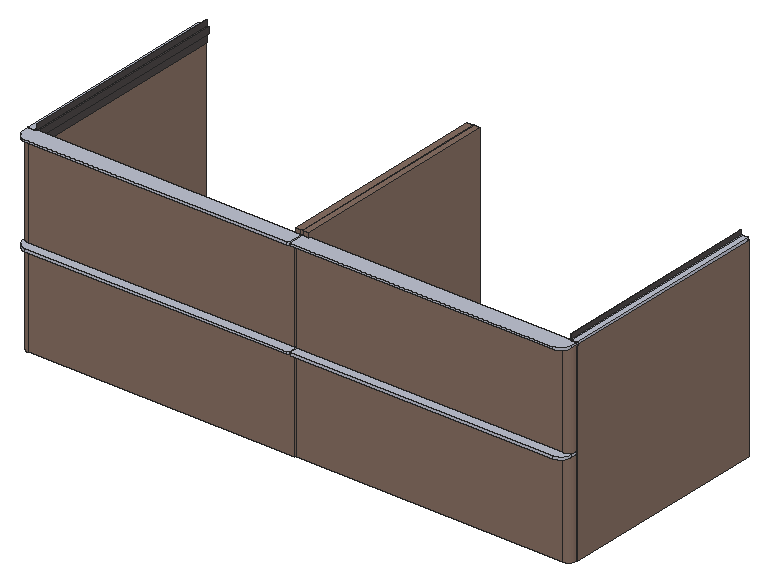
Revit family "vanity unit with 4 drawers for consoles with bowl", category Furniture, Revit 2019 (continued)
Definition of nested family "vanity unit 1360_550 with 4 drawers for consoles with bowl-54087670-diamond matt grey-matt_black-400_content"
  Forms (mm)
    Extrusion 9, solid, visible <- "ContentVisible", detail levels medium+fine
      sketch origin (0, 0, 2) x (1, 0, 0) y (0, 1, 0)
        loop
          line (2.5, -551) -> (661, -551)
          arc (661, -551) -> (674.435, -545.435) -> (680, -532) r 19
          line (680, -532) -> (680, -530) -> (1.5, -530) -> (1.5, -550)
      from 0 to 235
    Extrusion 10, solid, visible <- "ContentVisible", detail levels medium+fine
      sketch origin (0, 0, 237) x (1, 0, 0) y (0, 1, 0)
        loop
          line (-678.5, -530) -> (-678.5, -546)
          arc (-678.5, -546) -> (-671.178, -563.678) -> (-653.5, -571) r 25
          line (-653.5, -571) -> (-4.5, -571)
          arc (-4.5, -571) -> (-2.379, -570.121) -> (-1.5, -568) r 3
          line (-1.5, -568) -> (-1.5, -528.5) -> (-658.5, -528.5) -> (-658.5, -530) -> (-678.5, -530)
      from 0 to 5
    Extrusion 11, solid, visible <- "ContentVisible", detail levels medium+fine
      sketch origin (0, 0, 237) x (1, 0, 0) y (0, 1, 0)
        loop
          arc (1.5, -568) -> (2.379, -570.121) -> (4.5, -571) r 3
          line (4.5, -571) -> (653.5, -571)
          arc (653.5, -571) -> (671.178, -563.678) -> (678.5, -546) r 25
          line (678.5, -546) -> (678.5, -530) -> (658.5, -530) -> (658.5, -528.5) -> (1.5, -528.5) -> (1.5, -568)
      from 0 to 5
    Extrusion 12, solid, visible <- "ContentVisible", detail levels medium+fine
      sketch origin (0, 0, 245) x (1, 0, 0) y (0, 1, 0)
        loop
          arc (-680, -532) -> (-674.435, -545.435) -> (-661, -551) r 19
          line (-661, -551) -> (-2.5, -551)
          arc (-2.5, -551) -> (-1.793, -550.707) -> (-1.5, -550) r 1
          line (-1.5, -550) -> (-1.5, -530) -> (-680, -530) -> (-680, -532)
      from 0 to 235
    Extrusion 13, solid, visible <- "ContentVisible", detail levels medium+fine
      sketch origin (0, 0, 245) x (1, 0, 0) y (0, 1, 0)
        loop
          arc (1.5, -550) -> (1.793, -550.707) -> (2.5, -551) r 1
          line (2.5, -551) -> (661, -551)
          arc (661, -551) -> (674.435, -545.435) -> (680, -532) r 19
          line (680, -532) -> (680, -530) -> (1.5, -530) -> (1.5, -550)
      from 0 to 235
    Extrusion 14, solid, visible <- "ContentVisible", detail levels medium+fine
      sketch origin (0, 0, 480) x (1, 0, 0) y (0, 1, 0)
        loop
          line (-678.5, -530) -> (-678.5, -546)
          arc (-678.5, -546) -> (-671.178, -563.678) -> (-653.5, -571) r 25
          line (-653.5, -571) -> (-4.5, -571)
          arc (-4.5, -571) -> (-2.379, -570.121) -> (-1.5, -568) r 3
          line (-1.5, -568) -> (-1.5, -528.5) -> (-658.5, -528.5) -> (-658.5, -530) -> (-678.5, -530)
      from 0 to 5
    Extrusion 15, solid, visible <- "ContentVisible", detail levels medium+fine
      sketch origin (0, 0, 480) x (1, 0, 0) y (0, 1, 0)
        loop
          arc (1.5, -568) -> (2.379, -570.121) -> (4.5, -571) r 3
          line (4.5, -571) -> (653.5, -571)
          arc (653.5, -571) -> (671.178, -563.678) -> (678.5, -546) r 25
          line (678.5, -546) -> (678.5, -530) -> (658.5, -530) -> (658.5, -528.5) -> (1.5, -528.5) -> (1.5, -568)
      from 0 to 5
    Extrusion 16, solid, visible <- "ContentVisible", detail levels medium+fine
      sketch origin (-1.5, 0, 0) x (0, 0, -1) y (0, 1, 0)
        loop
          line (-480, -528.5) -> (-480, -530) -> (-450, -530) -> (-450, -528.5) -> (-480, -528.5)
      from -664 to 664
    Extrusion 17, solid, visible <- "ContentVisible", detail levels medium+fine
      sketch origin (-1.5, 0, 0) x (0, 0, -1) y (0, 1, 0)
        loop
          line (-242, -528.5) -> (-242, -530) -> (-212, -530) -> (-212, -528.5) -> (-242, -528.5)
      from -664 to 664
    Extrusion 18, solid, visible <- "ContentVisible", detail levels medium+fine
      sketch origin (1.5, 0, 0) x (0, 0, -1) y (0, 1, 0)
        loop
          line (-480, -528.5) -> (-480, -530) -> (-450, -530) -> (-450, -528.5) -> (-480, -528.5)
      from 0 to 664
    Extrusion 19, solid, visible <- "ContentVisible", detail levels medium+fine
      sketch origin (0, 0, 0) x (1, 0, 0) y (0, 0, -1)
        loop
          line (-664, -447) -> (-664, -485) -> (-662.5, -485) -> (-662.5, -447) -> (-664, -447)
      from -528.5 to 0
    Extrusion 20, solid, visible <- "ContentVisible", detail levels medium+fine
      sketch origin (0, 0, 0) x (1, 0, 0) y (0, 0, -1)
        loop
          line (662.5, -446.8) -> (662.5, -485) -> (664, -485) -> (664, -446.8) -> (662.5, -446.8)
      from -528.5 to 0
    Extrusion 21, solid, visible <- "ContentVisible", detail levels medium+fine
      sketch origin (0, 0, 480) x (1, 0, 0) y (0, 1, 0)
        loop
          line (-680, -3) -> (-680, -527)
          arc (-680, -527) -> (-679.121, -529.121) -> (-677, -530) r 3
          line (-677, -530) -> (-664, -530) -> (-664, 0) -> (-677, 0)
          arc (-677, 0) -> (-679.121, -0.879) -> (-680, -3) r 3
      from 0 to 5
    Extrusion 22, solid, visible <- "ContentVisible", detail levels medium+fine
      sketch origin (0, 0, 480) x (1, 0, 0) y (0, 1, 0)
        loop
          line (664, 0) -> (664, -530) -> (677, -530)
          arc (677, -530) -> (679.121, -529.121) -> (680, -527) r 3
          line (680, -527) -> (680, -3)
          arc (680, -3) -> (679.121, -0.879) -> (677, 0) r 3
          line (677, 0) -> (664, 0)
      from 0 to 5
    Extrusion 23, solid, visible <- "ContentVisible", detail levels medium+fine
      sketch origin (0, 0, 0) x (1, 0, 0) y (0, 0, -1)
        loop
          line (-662.5, -447) -> (-662.5, -496) -> (-661, -496) -> (-661, -483) -> (-656.4, -483) -> (-656.4, -468.5) -> (-661, -468.5) -> (-661, -447) -> (-662.5, -447)
      from -525 to 0
    Extrusion 24, solid, visible <- "ContentVisible", detail levels medium+fine
      sketch origin (0, 0, 0) x (1, 0, 0) y (0, 0, -1)
        loop
          line (656.4, -468.5) -> (656.4, -483) -> (661, -483) -> (661, -496) -> (662.5, -496) -> (662.5, -447) -> (661, -447) -> (661, -468.5) -> (656.4, -468.5)
      from -525 to 0
    Extrusion 25, solid, visible <- "ContentVisible", detail levels coarse
      sketch origin (0, -285.5, 0) x (1, 0, 0) y (0, 1, 0)
        loop
          line (-680, -285.5) -> (680, -285.5) -> (680, 285.5) -> (-680, 285.5) -> (-680, -285.5)
      from 0 to 496
  Dimensions and locks
    aligned and locked: level to plane 2
Definition of nested family "vanity unit 1360_550 with 4 drawers for consoles with bowl-54087700-diamond matt grey-matt_white-200_content"
  Parameters (values of type "Vanity unit 1360_550 with 4 drawers for consoles with bowl-54087700-Diamond Matt Grey-MATT_WHITE-200_Content")
    etim7_EC011381 = "EC011381"
    WEIGHT = "55.8"
    UNSPSC = "56 | Furniture and Furnishings"
    UNIFORMATII = "E2010 | Fixed Furnishings"
    UNICLASS_2015_CODE = "40_30_78_05"
    UNICLASS2015 = "Pr_40_30_78_05 | Bathroom furniture"
    SURFACE = "MATT_WHITE"
    REGIONSET = "Worldwide"
    PRODUCTURL = "https://pro.hansgrohe.com/articledetail--54087000"
    PRODUCTGROUP = "vanity unit"
    PRODUCTFAMILY = "Xelu Q"
    PERMALINK = "54087XXX"
    OMNICLASS = "23-21 19 15 33 13 | Residential Bathroom Specialty Casework"
    OBJECTTYPE = "Object (single object)"
    OBERFLAECHE = "Diamond Matt Grey"
    NN = "Vanity Unit with 4 Drawers for consoles with bowl"
    NBSYN = "$BASENUMBER.-$ARTNR.-$OBERFLAECHE.-$SURFACE.-$LODLEVEL."
    NB = "Vanity unit 1360/550 with 4 drawers for consoles with bowl-54087700-Diamond Matt Grey-MATT_WHITE-200"
    NAME = "Xelu Q Vanity unit Diamond Matt Grey 1360/550 with 4 drawers for consoles with bowl"
    Model = "Vanity unit 1360/550 with 4 drawers for consoles with bowl-54087700-Diamond Matt Grey-MATT_WHITE-200"
    Manufacturer = "Hansgrohe"
    MASTERFORMAT = "12 35 30.23 | Bathroom Casework"
    LODLEVEL = "200"
    LINA = "Vanity unit 1360/550 with 4 drawers for consoles with bowl-54087700-Diamond Matt Grey-MATT_WHITE-200"
    L = 1360
    IFC = "Furnishing element"
    GTINCODE = "4059625456941"
    ETIM = "EC011381 | Bathroom furniture set"
    Default Elevation = 1219.2 mm
    DESIGN = "Germany"
    ContentVisible [instance] = yes
    CATALOG = "Hansgrohe"
    BIMOBJECT = "Sanitary: Compound units"
    BASENUMBER = "Vanity unit 1360/550 with 4 drawers for consoles with bowl"
    ARTNR = "54087700"
  Reference planes
    plane 1 "Center (Front/Back)": y = 0
    plane 2: z = 0
    plane 3 "Center (Left/Right)": x = 0
  Forms (mm)
    Extrusion 1, solid, visible <- "ContentVisible", detail levels medium+fine
      sketch origin (0, 0, 0) x (1, 0, 0) y (0, 1, 0)
        loop
          line (-680, 0) -> (-680, -551) -> (680, -551) -> (680, 0) -> (664, 0) -> (664, -117) -> (-664, -117) -> (-664, 0) -> (-680, 0)
      from 0 to 480
    Extrusion 2, solid, visible <- "ContentVisible", detail levels medium+fine
      sketch origin (0, 0, 480) x (1, 0, 0) y (0, 1, 0)
        loop
          line (-678.5, -528.5) -> (-678.5, -571) -> (678.5, -571) -> (678.5, -528.5) -> (-678.5, -528.5)
      from 0 to 5
    Extrusion 3, solid, visible <- "ContentVisible", detail levels medium+fine
      sketch origin (0, 0, 237) x (1, 0, 0) y (0, 1, 0)
        loop
          line (-678.5, -528.5) -> (-678.5, -571) -> (678.5, -571) -> (678.5, -528.5) -> (-678.5, -528.5)
      from 0 to 5
    Extrusion 4, solid, visible <- "ContentVisible", detail levels medium+fine
      sketch origin (0, 0, 0) x (1, 0, 0) y (0, 0, -1)
        loop
          line (-664, -447) -> (-664, -485) -> (-662.5, -485) -> (-662.5, -447) -> (-664, -447)
      from -528.5 to 0
    Extrusion 5, solid, visible <- "ContentVisible", detail levels medium+fine
      sketch origin (0, 0, 0) x (1, 0, 0) y (0, 0, -1)
        loop
          line (662.5, -446.8) -> (662.5, -485) -> (664, -485) -> (664, -446.8) -> (662.5, -446.8)
      from -528.5 to 0
    Extrusion 6, solid, visible <- "ContentVisible", detail levels medium+fine
      sketch origin (0, 0, 480) x (1, 0, 0) y (0, 1, 0)
        loop
          line (-680, 0) -> (-680, -530) -> (-664, -530) -> (-664, 0) -> (-680, 0)
      from 0 to 5
    Extrusion 7, solid, visible <- "ContentVisible", detail levels medium+fine
      sketch origin (0, 0, 480) x (1, 0, 0) y (0, 1, 0)
        loop
          line (664, 0) -> (664, -530) -> (680, -530) -> (680, 0) -> (664, 0)
      from 0 to 5
    Extrusion 8, solid, visible <- "ContentVisible", detail levels medium+fine
      sketch origin (0, 0, 0) x (1, 0, 0) y (0, 0, -1)
        loop
          line (-662.5, -447) -> (-662.5, -496) -> (-656.4, -496) -> (-656.4, -447) -> (-662.5, -447)
      from -528.5 to 0
    Extrusion 9, solid, visible <- "ContentVisible", detail levels medium+fine
      sketch origin (0, 0, 0) x (1, 0, 0) y (0, 0, -1)
        loop
          line (656.4, -447) -> (656.4, -496) -> (662.5, -496) -> (662.5, -447) -> (656.4, -447)
      from -528.5 to 0
    Extrusion 10, solid, visible <- "ContentVisible", detail levels coarse
      sketch origin (0, -285.5, 0) x (1, 0, 0) y (0, 1, 0)
        loop
          line (-680, -285.5) -> (680, -285.5) -> (680, 285.5) -> (-680, 285.5) -> (-680, -285.5)
      from 0 to 496
  Dimensions and locks
    aligned and locked: level to plane 2
Definition of nested family "vanity unit 1360_550 with 4 drawers for consoles with bowl-54087700-diamond matt grey-matt_white-400_content"
  Parameters (values of type "Vanity unit 1360_550 with 4 drawers for consoles with bowl-54087700-Diamond Matt Grey-MATT_WHITE-400_Content")
    etim7_EC011381 = "EC011381"
    WEIGHT = "55.8"
    UNSPSC = "56 | Furniture and Furnishings"
    UNIFORMATII = "E2010 | Fixed Furnishings"
    UNICLASS_2015_CODE = "40_30_78_05"
    UNICLASS2015 = "Pr_40_30_78_05 | Bathroom furniture"
    SURFACE = "MATT_WHITE"
    REGIONSET = "Worldwide"
    PRODUCTURL = "https://pro.hansgrohe.com/articledetail--54087000"
    PRODUCTGROUP = "vanity unit"
    PRODUCTFAMILY = "Xelu Q"
    PERMALINK = "54087XXX"
    OMNICLASS = "23-21 19 15 33 13 | Residential Bathroom Specialty Casework"
    OBJECTTYPE = "Object (single object)"
    OBERFLAECHE = "Diamond Matt Grey"
    NN = "Vanity Unit with 4 Drawers for consoles with bowl"
    NBSYN = "$BASENUMBER.-$ARTNR.-$OBERFLAECHE.-$SURFACE.-$LODLEVEL."
    NB = "Vanity unit 1360/550 with 4 drawers for consoles with bowl-54087700-Diamond Matt Grey-MATT_WHITE-400"
    NAME = "Xelu Q Vanity unit Diamond Matt Grey 1360/550 with 4 drawers for consoles with bowl"
    Model = "Vanity unit 1360/550 with 4 drawers for consoles with bowl-54087700-Diamond Matt Grey-MATT_WHITE-400"
    Manufacturer = "Hansgrohe"
    MASTERFORMAT = "12 35 30.23 | Bathroom Casework"
    LODLEVEL = "400"
    LINA = "Vanity unit 1360/550 with 4 drawers for consoles with bowl-54087700-Diamond Matt Grey-MATT_WHITE-400"
    L = 1360
    IFC = "Furnishing element"
    GTINCODE = "4059625456941"
    ETIM = "EC011381 | Bathroom furniture set"
    Default Elevation = 1219.2 mm
    DESIGN = "Germany"
    ContentVisible [instance] = yes
    CATALOG = "Hansgrohe"
    BIMOBJECT = "Sanitary: Compound units"
    BASENUMBER = "Vanity unit 1360/550 with 4 drawers for consoles with bowl"
    ARTNR = "54087700"
  Reference planes
    plane 1 "Center (Front/Back)": y = 0
    plane 2: z = 0
    plane 3 "Center (Left/Right)": x = 0
  Forms (mm)
    Extrusion 1, solid, visible <- "ContentVisible", detail levels medium+fine
      sketch origin (0, 0, 0) x (1, 0, 0) y (0, 1, 0)
        loop
          line (-680, 0) -> (-680, -527)
          arc (-680, -527) -> (-679.121, -529.121) -> (-677, -530) r 3
          line (-677, -530) -> (-664, -530) -> (-664, 0) -> (-680, 0)
      from 0 to 480
    Extrusion 2, solid, visible <- "ContentVisible", detail levels medium+fine
      sketch origin (0, 0, 0) x (1, 0, 0) y (0, 1, 0)
        loop
          line (-664, -133) -> (-664, -499.5) -> (-16, -499.5) -> (-16, -133) -> (-664, -133)
      from 0 to 16
    Extrusion 3, solid, visible <- "ContentVisible", detail levels medium+fine
      sketch origin (0, 0, 0) x (1, 0, 0) y (0, 1, 0)
        loop
          line (-16, 0) -> (-16, -530) -> (-3, -530)
          arc (-3, -530) -> (-0.879, -529.121) -> (0, -527) r 3
          line (0, -527) -> (0, 0) -> (-16, 0)
      from 0 to 496
    Extrusion 4, solid, visible <- "ContentVisible", detail levels medium+fine
      sketch origin (0, 0, 0) x (1, 0, 0) y (0, 1, 0)
        loop
          line (0, 0) -> (0, -527)
          arc (0, -527) -> (0.879, -529.121) -> (3, -530) r 3
          line (3, -530) -> (16, -530) -> (16, 0) -> (0, 0)
      from 0 to 496
    Extrusion 5, solid, visible <- "ContentVisible", detail levels medium+fine
      sketch origin (0, 0, 0) x (1, 0, 0) y (0, 1, 0)
        loop
          line (16, -499.5) -> (664, -499.5) -> (664, -133) -> (16, -133) -> (16, -499.5)
      from 0 to 16
    Extrusion 6, solid, visible <- "ContentVisible", detail levels medium+fine
      sketch origin (0, 0, 0) x (1, 0, 0) y (0, 1, 0)
        loop
          line (664, 0) -> (664, -530) -> (677, -530)
          arc (677, -530) -> (679.121, -529.121) -> (680, -527) r 3
          line (680, -527) -> (680, 0) -> (664, 0)
      from 0 to 480
    Extrusion 7, solid, visible <- "ContentVisible", detail levels medium+fine
      sketch origin (0, 0, 0) x (1, 0, 0) y (0, 1, 0)
        loop
          line (-664, -117) -> (-664, -133) -> (664, -133) -> (664, -117) -> (-664, -117)
      from 0 to 126
    Extrusion 8, solid, visible <- "ContentVisible", detail levels medium+fine
      sketch origin (0, 0, 2) x (1, 0, 0) y (0, 1, 0)
        loop
          arc (-680, -532) -> (-674.435, -545.435) -> (-661, -551) r 19
          line (-661, -551) -> (-2.5, -551)
          arc (-2.5, -551) -> (-1.793, -550.707) -> (-1.5, -550) r 1
          line (-1.5, -550) -> (-1.5, -530) -> (-680, -530) -> (-680, -532)
      from 0 to 235
    Extrusion 9, solid, visible <- "ContentVisible", detail levels medium+fine
      sketch origin (0, 0, 2) x (1, 0, 0) y (0, 1, 0)
        loop
          arc (1.5, -550) -> (1.793, -550.707) -> (2.5, -551) r 1
          line (2.5, -551) -> (661, -551)
          arc (661, -551) -> (674.435, -545.435) -> (680, -532) r 19
          line (680, -532) -> (680, -530) -> (1.5, -530) -> (1.5, -550)
      from 0 to 235
    Extrusion 10, solid, visible <- "ContentVisible", detail levels medium+fine
      sketch origin (0, 0, 237) x (1, 0, 0) y (0, 1, 0)
        loop
          line (-678.5, -530) -> (-678.5, -546)
          arc (-678.5, -546) -> (-671.178, -563.678) -> (-653.5, -571) r 25
          line (-653.5, -571) -> (-4.5, -571)
          arc (-4.5, -571) -> (-2.379, -570.121) -> (-1.5, -568) r 3
          line (-1.5, -568) -> (-1.5, -528.5) -> (-658.5, -528.5) -> (-658.5, -530) -> (-678.5, -530)
      from 0 to 5
    Extrusion 11, solid, visible <- "ContentVisible", detail levels medium+fine
      sketch origin (0, 0, 237) x (1, 0, 0) y (0, 1, 0)
        loop
          arc (1.5, -568) -> (2.379, -570.121) -> (4.5, -571) r 3
          line (4.5, -571) -> (653.5, -571)
          arc (653.5, -571) -> (671.178, -563.678) -> (678.5, -546) r 25
          line (678.5, -546) -> (678.5, -530) -> (658.5, -530) -> (658.5, -528.5) -> (1.5, -528.5) -> (1.5, -568)
      from 0 to 5
    Extrusion 12, solid, visible <- "ContentVisible", detail levels medium+fine
      sketch origin (0, 0, 245) x (1, 0, 0) y (0, 1, 0)
        loop
          arc (-680, -532) -> (-674.435, -545.435) -> (-661, -551) r 19
          line (-661, -551) -> (-2.5, -551)
          arc (-2.5, -551) -> (-1.793, -550.707) -> (-1.5, -550) r 1
          line (-1.5, -550) -> (-1.5, -530) -> (-680, -530) -> (-680, -532)
      from 0 to 235
    Extrusion 13, solid, visible <- "ContentVisible", detail levels medium+fine
      sketch origin (0, 0, 245) x (1, 0, 0) y (0, 1, 0)
        loop
          arc (1.5, -550) -> (1.793, -550.707) -> (2.5, -551) r 1
          line (2.5, -551) -> (661, -551)
          arc (661, -551) -> (674.435, -545.435) -> (680, -532) r 19
          line (680, -532) -> (680, -530) -> (1.5, -530) -> (1.5, -550)
      from 0 to 235
    Extrusion 14, solid, visible <- "ContentVisible", detail levels medium+fine
      sketch origin (0, 0, 480) x (1, 0, 0) y (0, 1, 0)
        loop
          line (-678.5, -530) -> (-678.5, -546)
          arc (-678.5, -546) -> (-671.178, -563.678) -> (-653.5, -571) r 25
          line (-653.5, -571) -> (-4.5, -571)
          arc (-4.5, -571) -> (-2.379, -570.121) -> (-1.5, -568) r 3
          line (-1.5, -568) -> (-1.5, -528.5) -> (-658.5, -528.5) -> (-658.5, -530) -> (-678.5, -530)
      from 0 to 5
    Extrusion 15, solid, visible <- "ContentVisible", detail levels medium+fine
      sketch origin (0, 0, 480) x (1, 0, 0) y (0, 1, 0)
        loop
          arc (1.5, -568) -> (2.379, -570.121) -> (4.5, -571) r 3
          line (4.5, -571) -> (653.5, -571)
          arc (653.5, -571) -> (671.178, -563.678) -> (678.5, -546) r 25
          line (678.5, -546) -> (678.5, -530) -> (658.5, -530) -> (658.5, -528.5) -> (1.5, -528.5) -> (1.5, -568)
      from 0 to 5
    Extrusion 16, solid, visible <- "ContentVisible", detail levels medium+fine
      sketch origin (-1.5, 0, 0) x (0, 0, -1) y (0, 1, 0)
        loop
          line (-480, -528.5) -> (-480, -530) -> (-450, -530) -> (-450, -528.5) -> (-480, -528.5)
      from -664 to 664
    Extrusion 17, solid, visible <- "ContentVisible", detail levels medium+fine
      sketch origin (-1.5, 0, 0) x (0, 0, -1) y (0, 1, 0)
        loop
          line (-242, -528.5) -> (-242, -530) -> (-212, -530) -> (-212, -528.5) -> (-242, -528.5)
      from -664 to 664
    Extrusion 18, solid, visible <- "ContentVisible", detail levels medium+fine
      sketch origin (1.5, 0, 0) x (0, 0, -1) y (0, 1, 0)
        loop
          line (-480, -528.5) -> (-480, -530) -> (-450, -530) -> (-450, -528.5) -> (-480, -528.5)
      from 0 to 664
    Extrusion 19, solid, visible <- "ContentVisible", detail levels medium+fine
      sketch origin (0, 0, 0) x (1, 0, 0) y (0, 0, -1)
        loop
          line (-664, -447) -> (-664, -485) -> (-662.5, -485) -> (-662.5, -447) -> (-664, -447)
      from -528.5 to 0
    Extrusion 20, solid, visible <- "ContentVisible", detail levels medium+fine
      sketch origin (0, 0, 0) x (1, 0, 0) y (0, 0, -1)
        loop
          line (662.5, -446.8) -> (662.5, -485) -> (664, -485) -> (664, -446.8) -> (662.5, -446.8)
      from -528.5 to 0
    Extrusion 21, solid, visible <- "ContentVisible", detail levels medium+fine
      sketch origin (0, 0, 480) x (1, 0, 0) y (0, 1, 0)
        loop
          line (-680, -3) -> (-680, -527)
          arc (-680, -527) -> (-679.121, -529.121) -> (-677, -530) r 3
          line (-677, -530) -> (-664, -530) -> (-664, 0) -> (-677, 0)
          arc (-677, 0) -> (-679.121, -0.879) -> (-680, -3) r 3
      from 0 to 5
    Extrusion 22, solid, visible <- "ContentVisible", detail levels medium+fine
      sketch origin (0, 0, 480) x (1, 0, 0) y (0, 1, 0)
        loop
          line (664, 0) -> (664, -530) -> (677, -530)
          arc (677, -530) -> (679.121, -529.121) -> (680, -527) r 3
          line (680, -527) -> (680, -3)
          arc (680, -3) -> (679.121, -0.879) -> (677, 0) r 3
          line (677, 0) -> (664, 0)
      from 0 to 5
    Extrusion 23, solid, visible <- "ContentVisible", detail levels medium+fine
      sketch origin (0, 0, 0) x (1, 0, 0) y (0, 0, -1)
        loop
          line (-662.5, -447) -> (-662.5, -496) -> (-661, -496) -> (-661, -483) -> (-656.4, -483) -> (-656.4, -468.5) -> (-661, -468.5) -> (-661, -447) -> (-662.5, -447)
      from -525 to 0
    Extrusion 24, solid, visible <- "ContentVisible", detail levels medium+fine
      sketch origin (0, 0, 0) x (1, 0, 0) y (0, 0, -1)
        loop
          line (656.4, -468.5) -> (656.4, -483) -> (661, -483) -> (661, -496) -> (662.5, -496) -> (662.5, -447) -> (661, -447) -> (661, -468.5) -> (656.4, -468.5)
      from -525 to 0
    Extrusion 25, solid, visible <- "ContentVisible", detail levels coarse
      sketch origin (0, -285.5, 0) x (1, 0, 0) y (0, 1, 0)
        loop
          line (-680, -285.5) -> (680, -285.5) -> (680, 285.5) -> (-680, 285.5) -> (-680, -285.5)
      from 0 to 496
  Dimensions and locks
    aligned and locked: level to plane 2
Definition of nested family "vanity unit 1360_550 with 4 drawers for consoles with bowl-54088000-natural oak-chrome-200_content"
  Parameters (values of type "Vanity unit 1360_550 with 4 drawers for consoles with bowl-54088000-Natural Oak-CHROME-200_Content")
    etim7_EC011381 = "EC011381"
    WEIGHT = "55.8"
    UNSPSC = "56 | Furniture and Furnishings"
    UNIFORMATII = "E2010 | Fixed Furnishings"
    UNICLASS_2015_CODE = "40_30_78_05"
    UNICLASS2015 = "Pr_40_30_78_05 | Bathroom furniture"
    SURFACE = "CHROME"
    REGIONSET = "Worldwide"
    PRODUCTURL = "https://pro.hansgrohe.com/articledetail--54088000"
    PRODUCTGROUP = "vanity unit"
    PRODUCTFAMILY = "Xelu Q"
    PERMALINK = "54088XXX"
    OMNICLASS = "23-21 19 15 33 13 | Residential Bathroom Specialty Casework"
    OBJECTTYPE = "Object (single object)"
    OBERFLAECHE = "Natural Oak"
    NN = "Vanity Unit with 4 Drawers for consoles with bowl"
    NBSYN = "$BASENUMBER.-$ARTNR.-$OBERFLAECHE.-$SURFACE.-$LODLEVEL."
    NB = "Vanity unit 1360/550 with 4 drawers for consoles with bowl-54088000-Natural Oak-CHROME-200"
    NAME = "Xelu Q Vanity unit Natural Oak 1360/550 with 4 drawers for consoles with bowl"
    Model = "Vanity unit 1360/550 with 4 drawers for consoles with bowl-54088000-Natural Oak-CHROME-200"
    Manufacturer = "Hansgrohe"
    MASTERFORMAT = "12 35 30.23 | Bathroom Casework"
    LODLEVEL = "200"
    LINA = "Vanity unit 1360/550 with 4 drawers for consoles with bowl-54088000-Natural Oak-CHROME-200"
    L = 1360
    IFC = "Furnishing element"
    GTINCODE = "4059625456910"
    ETIM = "EC011381 | Bathroom furniture set"
    Default Elevation = 1219.2 mm
    DESIGN = "Germany"
    ContentVisible [instance] = yes
    CATALOG = "Hansgrohe"
    BIMOBJECT = "Sanitary: Compound units"
    BASENUMBER = "Vanity unit 1360/550 with 4 drawers for consoles with bowl"
    ARTNR = "54088000"
  Reference planes
    plane 1 "Center (Front/Back)": y = 0
    plane 2: z = 0
    plane 3 "Center (Left/Right)": x = 0
  Forms (mm)
    Extrusion 1, solid, visible <- "ContentVisible", detail levels medium+fine
      sketch origin (0, 0, 0) x (1, 0, 0) y (0, 1, 0)
        loop
          line (-680, 0) -> (-680, -551) -> (680, -551) -> (680, 0) -> (664, 0) -> (664, -117) -> (-664, -117) -> (-664, 0) -> (-680, 0)
      from 0 to 480
    Extrusion 2, solid, visible <- "ContentVisible", detail levels medium+fine
      sketch origin (0, 0, 480) x (1, 0, 0) y (0, 1, 0)
        loop
          line (-678.5, -528.5) -> (-678.5, -571) -> (678.5, -571) -> (678.5, -528.5) -> (-678.5, -528.5)
      from 0 to 5
    Extrusion 3, solid, visible <- "ContentVisible", detail levels medium+fine
      sketch origin (0, 0, 237) x (1, 0, 0) y (0, 1, 0)
        loop
          line (-678.5, -528.5) -> (-678.5, -571) -> (678.5, -571) -> (678.5, -528.5) -> (-678.5, -528.5)
      from 0 to 5
    Extrusion 4, solid, visible <- "ContentVisible", detail levels medium+fine
      sketch origin (0, 0, 0) x (1, 0, 0) y (0, 0, -1)
        loop
          line (-664, -447) -> (-664, -485) -> (-662.5, -485) -> (-662.5, -447) -> (-664, -447)
      from -528.5 to 0
    Extrusion 5, solid, visible <- "ContentVisible", detail levels medium+fine
      sketch origin (0, 0, 0) x (1, 0, 0) y (0, 0, -1)
        loop
          line (662.5, -446.8) -> (662.5, -485) -> (664, -485) -> (664, -446.8) -> (662.5, -446.8)
      from -528.5 to 0
    Extrusion 6, solid, visible <- "ContentVisible", detail levels medium+fine
      sketch origin (0, 0, 480) x (1, 0, 0) y (0, 1, 0)
        loop
          line (-680, 0) -> (-680, -530) -> (-664, -530) -> (-664, 0) -> (-680, 0)
      from 0 to 5
    Extrusion 7, solid, visible <- "ContentVisible", detail levels medium+fine
      sketch origin (0, 0, 480) x (1, 0, 0) y (0, 1, 0)
        loop
          line (664, 0) -> (664, -530) -> (680, -530) -> (680, 0) -> (664, 0)
      from 0 to 5
    Extrusion 8, solid, visible <- "ContentVisible", detail levels medium+fine
      sketch origin (0, 0, 0) x (1, 0, 0) y (0, 0, -1)
        loop
          line (-662.5, -447) -> (-662.5, -496) -> (-656.4, -496) -> (-656.4, -447) -> (-662.5, -447)
      from -528.5 to 0
    Extrusion 9, solid, visible <- "ContentVisible", detail levels medium+fine
      sketch origin (0, 0, 0) x (1, 0, 0) y (0, 0, -1)
        loop
          line (656.4, -447) -> (656.4, -496) -> (662.5, -496) -> (662.5, -447) -> (656.4, -447)
      from -528.5 to 0
    Extrusion 10, solid, visible <- "ContentVisible", detail levels coarse
      sketch origin (0, -285.5, 0) x (1, 0, 0) y (0, 1, 0)
        loop
          line (-680, -285.5) -> (680, -285.5) -> (680, 285.5) -> (-680, 285.5) -> (-680, -285.5)
      from 0 to 496
  Dimensions and locks
    aligned and locked: level to plane 2
Definition of nested family "vanity unit 1360_550 with 4 drawers for consoles with bowl-54088000-natural oak-chrome-400_content"
  Parameters (values of type "Vanity unit 1360_550 with 4 drawers for consoles with bowl-54088000-Natural Oak-CHROME-400_Content")
    etim7_EC011381 = "EC011381"
    WEIGHT = "55.8"
    UNSPSC = "56 | Furniture and Furnishings"
    UNIFORMATII = "E2010 | Fixed Furnishings"
    UNICLASS_2015_CODE = "40_30_78_05"
    UNICLASS2015 = "Pr_40_30_78_05 | Bathroom furniture"
    SURFACE = "CHROME"
    REGIONSET = "Worldwide"
    PRODUCTURL = "https://pro.hansgrohe.com/articledetail--54088000"
    PRODUCTGROUP = "vanity unit"
    PRODUCTFAMILY = "Xelu Q"
    PERMALINK = "54088XXX"
    OMNICLASS = "23-21 19 15 33 13 | Residential Bathroom Specialty Casework"
    OBJECTTYPE = "Object (single object)"
    OBERFLAECHE = "Natural Oak"
    NN = "Vanity Unit with 4 Drawers for consoles with bowl"
    NBSYN = "$BASENUMBER.-$ARTNR.-$OBERFLAECHE.-$SURFACE.-$LODLEVEL."
    NB = "Vanity unit 1360/550 with 4 drawers for consoles with bowl-54088000-Natural Oak-CHROME-400"
    NAME = "Xelu Q Vanity unit Natural Oak 1360/550 with 4 drawers for consoles with bowl"
    Model = "Vanity unit 1360/550 with 4 drawers for consoles with bowl-54088000-Natural Oak-CHROME-400"
    Manufacturer = "Hansgrohe"
    MASTERFORMAT = "12 35 30.23 | Bathroom Casework"
    LODLEVEL = "400"
    LINA = "Vanity unit 1360/550 with 4 drawers for consoles with bowl-54088000-Natural Oak-CHROME-400"
    L = 1360
    IFC = "Furnishing element"
    GTINCODE = "4059625456910"
    ETIM = "EC011381 | Bathroom furniture set"
    Default Elevation = 1219.2 mm
    DESIGN = "Germany"
    ContentVisible [instance] = yes
    CATALOG = "Hansgrohe"
    BIMOBJECT = "Sanitary: Compound units"
    BASENUMBER = "Vanity unit 1360/550 with 4 drawers for consoles with bowl"
    ARTNR = "54088000"
  Reference planes
    plane 1 "Center (Front/Back)": y = 0
    plane 2: z = 0
    plane 3 "Center (Left/Right)": x = 0
  Forms (mm)
    Extrusion 1, solid, visible <- "ContentVisible", detail levels medium+fine
      sketch origin (0, 0, 0) x (1, 0, 0) y (0, 1, 0)
        loop
          line (-680, 0) -> (-680, -527)
          arc (-680, -527) -> (-679.121, -529.121) -> (-677, -530) r 3
          line (-677, -530) -> (-664, -530) -> (-664, 0) -> (-680, 0)
      from 0 to 480
    Extrusion 2, solid, visible <- "ContentVisible", detail levels medium+fine
      sketch origin (0, 0, 0) x (1, 0, 0) y (0, 1, 0)
        loop
          line (-664, -133) -> (-664, -499.5) -> (-16, -499.5) -> (-16, -133) -> (-664, -133)
      from 0 to 16
    Extrusion 3, solid, visible <- "ContentVisible", detail levels medium+fine
      sketch origin (0, 0, 0) x (1, 0, 0) y (0, 1, 0)
        loop
          line (-16, 0) -> (-16, -530) -> (-3, -530)
          arc (-3, -530) -> (-0.879, -529.121) -> (0, -527) r 3
          line (0, -527) -> (0, 0) -> (-16, 0)
      from 0 to 496
    Extrusion 4, solid, visible <- "ContentVisible", detail levels medium+fine
      sketch origin (0, 0, 0) x (1, 0, 0) y (0, 1, 0)
        loop
          line (0, 0) -> (0, -527)
          arc (0, -527) -> (0.879, -529.121) -> (3, -530) r 3
          line (3, -530) -> (16, -530) -> (16, 0) -> (0, 0)
      from 0 to 496
    Extrusion 5, solid, visible <- "ContentVisible", detail levels medium+fine
      sketch origin (0, 0, 0) x (1, 0, 0) y (0, 1, 0)
        loop
          line (16, -499.5) -> (664, -499.5) -> (664, -133) -> (16, -133) -> (16, -499.5)
      from 0 to 16
    Extrusion 6, solid, visible <- "ContentVisible", detail levels medium+fine
      sketch origin (0, 0, 0) x (1, 0, 0) y (0, 1, 0)
        loop
          line (664, 0) -> (664, -530) -> (677, -530)
          arc (677, -530) -> (679.121, -529.121) -> (680, -527) r 3
          line (680, -527) -> (680, 0) -> (664, 0)
      from 0 to 480
    Extrusion 7, solid, visible <- "ContentVisible", detail levels medium+fine
      sketch origin (0, 0, 0) x (1, 0, 0) y (0, 1, 0)
        loop
          line (-664, -117) -> (-664, -133) -> (664, -133) -> (664, -117) -> (-664, -117)
      from 0 to 126
    Extrusion 8, solid, visible <- "ContentVisible", detail levels medium+fine
      sketch origin (0, 0, 2) x (1, 0, 0) y (0, 1, 0)
        loop
          arc (-680, -532) -> (-674.435, -545.435) -> (-661, -551) r 19
          line (-661, -551) -> (-2.5, -551)
          arc (-2.5, -551) -> (-1.793, -550.707) -> (-1.5, -550) r 1
          line (-1.5, -550) -> (-1.5, -530) -> (-680, -530) -> (-680, -532)
      from 0 to 235
    Extrusion 9, solid, visible <- "ContentVisible", detail levels medium+fine
      sketch origin (0, 0, 2) x (1, 0, 0) y (0, 1, 0)
        loop
          arc (1.5, -550) -> (1.793, -550.707) -> (2.5, -551) r 1
          line (2.5, -551) -> (661, -551)
          arc (661, -551) -> (674.435, -545.435) -> (680, -532) r 19
          line (680, -532) -> (680, -530) -> (1.5, -530) -> (1.5, -550)
      from 0 to 235
    Extrusion 10, solid, visible <- "ContentVisible", detail levels medium+fine
      sketch origin (0, 0, 237) x (1, 0, 0) y (0, 1, 0)
        loop
          line (-678.5, -530) -> (-678.5, -546)
          arc (-678.5, -546) -> (-671.178, -563.678) -> (-653.5, -571) r 25
          line (-653.5, -571) -> (-4.5, -571)
          arc (-4.5, -571) -> (-2.379, -570.121) -> (-1.5, -568) r 3
          line (-1.5, -568) -> (-1.5, -528.5) -> (-658.5, -528.5) -> (-658.5, -530) -> (-678.5, -530)
      from 0 to 5
    Extrusion 11, solid, visible <- "ContentVisible", detail levels medium+fine
      sketch origin (0, 0, 237) x (1, 0, 0) y (0, 1, 0)
        loop
          arc (1.5, -568) -> (2.379, -570.121) -> (4.5, -571) r 3
          line (4.5, -571) -> (653.5, -571)
          arc (653.5, -571) -> (671.178, -563.678) -> (678.5, -546) r 25
          line (678.5, -546) -> (678.5, -530) -> (658.5, -530) -> (658.5, -528.5) -> (1.5, -528.5) -> (1.5, -568)
      from 0 to 5
    Extrusion 12, solid, visible <- "ContentVisible", detail levels medium+fine
      sketch origin (0, 0, 245) x (1, 0, 0) y (0, 1, 0)
        loop
          arc (-680, -532) -> (-674.435, -545.435) -> (-661, -551) r 19
          line (-661, -551) -> (-2.5, -551)
          arc (-2.5, -551) -> (-1.793, -550.707) -> (-1.5, -550) r 1
          line (-1.5, -550) -> (-1.5, -530) -> (-680, -530) -> (-680, -532)
      from 0 to 235
    Extrusion 13, solid, visible <- "ContentVisible", detail levels medium+fine
      sketch origin (0, 0, 245) x (1, 0, 0) y (0, 1, 0)
        loop
          arc (1.5, -550) -> (1.793, -550.707) -> (2.5, -551) r 1
          line (2.5, -551) -> (661, -551)
          arc (661, -551) -> (674.435, -545.435) -> (680, -532) r 19
          line (680, -532) -> (680, -530) -> (1.5, -530) -> (1.5, -550)
      from 0 to 235
    Extrusion 14, solid, visible <- "ContentVisible", detail levels medium+fine
      sketch origin (0, 0, 480) x (1, 0, 0) y (0, 1, 0)
        loop
          line (-678.5, -530) -> (-678.5, -546)
          arc (-678.5, -546) -> (-671.178, -563.678) -> (-653.5, -571) r 25
          line (-653.5, -571) -> (-4.5, -571)
          arc (-4.5, -571) -> (-2.379, -570.121) -> (-1.5, -568) r 3
          line (-1.5, -568) -> (-1.5, -528.5) -> (-658.5, -528.5) -> (-658.5, -530) -> (-678.5, -530)
      from 0 to 5
    Extrusion 15, solid, visible <- "ContentVisible", detail levels medium+fine
      sketch origin (0, 0, 480) x (1, 0, 0) y (0, 1, 0)
        loop
          arc (1.5, -568) -> (2.379, -570.121) -> (4.5, -571) r 3
          line (4.5, -571) -> (653.5, -571)
          arc (653.5, -571) -> (671.178, -563.678) -> (678.5, -546) r 25
          line (678.5, -546) -> (678.5, -530) -> (658.5, -530) -> (658.5, -528.5) -> (1.5, -528.5) -> (1.5, -568)
      from 0 to 5
    Extrusion 16, solid, visible <- "ContentVisible", detail levels medium+fine
      sketch origin (-1.5, 0, 0) x (0, 0, -1) y (0, 1, 0)
        loop
          line (-480, -528.5) -> (-480, -530) -> (-450, -530) -> (-450, -528.5) -> (-480, -528.5)
      from -664 to 664
    Extrusion 17, solid, visible <- "ContentVisible", detail levels medium+fine
      sketch origin (-1.5, 0, 0) x (0, 0, -1) y (0, 1, 0)
        loop
          line (-242, -528.5) -> (-242, -530) -> (-212, -530) -> (-212, -528.5) -> (-242, -528.5)
      from -664 to 664
    Extrusion 18, solid, visible <- "ContentVisible", detail levels medium+fine
      sketch origin (1.5, 0, 0) x (0, 0, -1) y (0, 1, 0)
        loop
          line (-480, -528.5) -> (-480, -530) -> (-450, -530) -> (-450, -528.5) -> (-480, -528.5)
      from 0 to 664
    Extrusion 19, solid, visible <- "ContentVisible", detail levels medium+fine
      sketch origin (0, 0, 0) x (1, 0, 0) y (0, 0, -1)
        loop
          line (-664, -447) -> (-664, -485) -> (-662.5, -485) -> (-662.5, -447) -> (-664, -447)
      from -528.5 to 0
    Extrusion 20, solid, visible <- "ContentVisible", detail levels medium+fine
      sketch origin (0, 0, 0) x (1, 0, 0) y (0, 0, -1)
        loop
          line (662.5, -446.8) -> (662.5, -485) -> (664, -485) -> (664, -446.8) -> (662.5, -446.8)
      from -528.5 to 0
    Extrusion 21, solid, visible <- "ContentVisible", detail levels medium+fine
      sketch origin (0, 0, 480) x (1, 0, 0) y (0, 1, 0)
        loop
          line (-680, -3) -> (-680, -527)
          arc (-680, -527) -> (-679.121, -529.121) -> (-677, -530) r 3
          line (-677, -530) -> (-664, -530) -> (-664, 0) -> (-677, 0)
          arc (-677, 0) -> (-679.121, -0.879) -> (-680, -3) r 3
      from 0 to 5
    Extrusion 22, solid, visible <- "ContentVisible", detail levels medium+fine
      sketch origin (0, 0, 480) x (1, 0, 0) y (0, 1, 0)
        loop
          line (664, 0) -> (664, -530) -> (677, -530)
          arc (677, -530) -> (679.121, -529.121) -> (680, -527) r 3
          line (680, -527) -> (680, -3)
          arc (680, -3) -> (679.121, -0.879) -> (677, 0) r 3
          line (677, 0) -> (664, 0)
      from 0 to 5
    Extrusion 23, solid, visible <- "ContentVisible", detail levels medium+fine
      sketch origin (0, 0, 0) x (1, 0, 0) y (0, 0, -1)
        loop
          line (-662.5, -447) -> (-662.5, -496) -> (-661, -496) -> (-661, -483) -> (-656.4, -483) -> (-656.4, -468.5) -> (-661, -468.5) -> (-661, -447) -> (-662.5, -447)
      from -525 to 0
    Extrusion 24, solid, visible <- "ContentVisible", detail levels medium+fine
      sketch origin (0, 0, 0) x (1, 0, 0) y (0, 0, -1)
        loop
          line (656.4, -468.5) -> (656.4, -483) -> (661, -483) -> (661, -496) -> (662.5, -496) -> (662.5, -447) -> (661, -447) -> (661, -468.5) -> (656.4, -468.5)
      from -525 to 0
    Extrusion 25, solid, visible <- "ContentVisible", detail levels coarse
      sketch origin (0, -285.5, 0) x (1, 0, 0) y (0, 1, 0)
        loop
          line (-680, -285.5) -> (680, -285.5) -> (680, 285.5) -> (-680, 285.5) -> (-680, -285.5)
      from 0 to 496
  Dimensions and locks
    aligned and locked: level to plane 2
Definition of nested family "vanity unit 1360_550 with 4 drawers for consoles with bowl-54088670-natural oak-matt_black-200_content"
  Parameters (values of type "Vanity unit 1360_550 with 4 drawers for consoles with bowl-54088670-Natural Oak-MATT_BLACK-200_Content")
    etim7_EC011381 = "EC011381"
    WEIGHT = "55.8"
    UNSPSC = "56 | Furniture and Furnishings"
    UNIFORMATII = "E2010 | Fixed Furnishings"
    UNICLASS_2015_CODE = "40_30_78_05"
    UNICLASS2015 = "Pr_40_30_78_05 | Bathroom furniture"
    SURFACE = "MATT_BLACK"
    REGIONSET = "Worldwide"
    PRODUCTURL = "https://pro.hansgrohe.com/articledetail--54088000"
    PRODUCTGROUP = "vanity unit"
    PRODUCTFAMILY = "Xelu Q"
    PERMALINK = "54088XXX"
    OMNICLASS = "23-21 19 15 33 13 | Residential Bathroom Specialty Casework"
    OBJECTTYPE = "Object (single object)"
    OBERFLAECHE = "Natural Oak"
    NN = "Vanity Unit with 4 Drawers for consoles with bowl"
    NBSYN = "$BASENUMBER.-$ARTNR.-$OBERFLAECHE.-$SURFACE.-$LODLEVEL."
    NB = "Vanity unit 1360/550 with 4 drawers for consoles with bowl-54088670-Natural Oak-MATT_BLACK-200"
    NAME = "Xelu Q Vanity unit Natural Oak 1360/550 with 4 drawers for consoles with bowl"
    Model = "Vanity unit 1360/550 with 4 drawers for consoles with bowl-54088670-Natural Oak-MATT_BLACK-200"
    Manufacturer = "Hansgrohe"
    MASTERFORMAT = "12 35 30.23 | Bathroom Casework"
    LODLEVEL = "200"
    LINA = "Vanity unit 1360/550 with 4 drawers for consoles with bowl-54088670-Natural Oak-MATT_BLACK-200"
    L = 1360
    IFC = "Furnishing element"
    GTINCODE = "4059625456910"
    ETIM = "EC011381 | Bathroom furniture set"
    Default Elevation = 1219.2 mm
    DESIGN = "Germany"
    ContentVisible [instance] = yes
    CATALOG = "Hansgrohe"
    BIMOBJECT = "Sanitary: Compound units"
    BASENUMBER = "Vanity unit 1360/550 with 4 drawers for consoles with bowl"
    ARTNR = "54088670"
  Reference planes
    plane 1 "Center (Front/Back)": y = 0
    plane 2: z = 0
    plane 3 "Center (Left/Right)": x = 0
  Forms (mm)
    Extrusion 1, solid, visible <- "ContentVisible", detail levels medium+fine
      sketch origin (0, 0, 0) x (1, 0, 0) y (0, 1, 0)
        loop
          line (-680, 0) -> (-680, -551) -> (680, -551) -> (680, 0) -> (664, 0) -> (664, -117) -> (-664, -117) -> (-664, 0) -> (-680, 0)
      from 0 to 480
    Extrusion 2, solid, visible <- "ContentVisible", detail levels medium+fine
      sketch origin (0, 0, 480) x (1, 0, 0) y (0, 1, 0)
        loop
          line (-678.5, -528.5) -> (-678.5, -571) -> (678.5, -571) -> (678.5, -528.5) -> (-678.5, -528.5)
      from 0 to 5
    Extrusion 3, solid, visible <- "ContentVisible", detail levels medium+fine
      sketch origin (0, 0, 237) x (1, 0, 0) y (0, 1, 0)
        loop
          line (-678.5, -528.5) -> (-678.5, -571) -> (678.5, -571) -> (678.5, -528.5) -> (-678.5, -528.5)
      from 0 to 5
    Extrusion 4, solid, visible <- "ContentVisible", detail levels medium+fine
      sketch origin (0, 0, 0) x (1, 0, 0) y (0, 0, -1)
        loop
          line (-664, -447) -> (-664, -485) -> (-662.5, -485) -> (-662.5, -447) -> (-664, -447)
      from -528.5 to 0
    Extrusion 5, solid, visible <- "ContentVisible", detail levels medium+fine
      sketch origin (0, 0, 0) x (1, 0, 0) y (0, 0, -1)
        loop
          line (662.5, -446.8) -> (662.5, -485) -> (664, -485) -> (664, -446.8) -> (662.5, -446.8)
      from -528.5 to 0
    Extrusion 6, solid, visible <- "ContentVisible", detail levels medium+fine
      sketch origin (0, 0, 480) x (1, 0, 0) y (0, 1, 0)
        loop
          line (-680, 0) -> (-680, -530) -> (-664, -530) -> (-664, 0) -> (-680, 0)
      from 0 to 5
    Extrusion 7, solid, visible <- "ContentVisible", detail levels medium+fine
      sketch origin (0, 0, 480) x (1, 0, 0) y (0, 1, 0)
        loop
          line (664, 0) -> (664, -530) -> (680, -530) -> (680, 0) -> (664, 0)
      from 0 to 5
    Extrusion 8, solid, visible <- "ContentVisible", detail levels medium+fine
      sketch origin (0, 0, 0) x (1, 0, 0) y (0, 0, -1)
        loop
          line (-662.5, -447) -> (-662.5, -496) -> (-656.4, -496) -> (-656.4, -447) -> (-662.5, -447)
      from -528.5 to 0
    Extrusion 9, solid, visible <- "ContentVisible", detail levels medium+fine
      sketch origin (0, 0, 0) x (1, 0, 0) y (0, 0, -1)
        loop
          line (656.4, -447) -> (656.4, -496) -> (662.5, -496) -> (662.5, -447) -> (656.4, -447)
      from -528.5 to 0
    Extrusion 10, solid, visible <- "ContentVisible", detail levels coarse
      sketch origin (0, -285.5, 0) x (1, 0, 0) y (0, 1, 0)
        loop
          line (-680, -285.5) -> (680, -285.5) -> (680, 285.5) -> (-680, 285.5) -> (-680, -285.5)
      from 0 to 496
  Dimensions and locks
    aligned and locked: level to plane 2
Definition of nested family "vanity unit 1360_550 with 4 drawers for consoles with bowl-54088670-natural oak-matt_black-400_content"
  Parameters (values of type "Vanity unit 1360_550 with 4 drawers for consoles with bowl-54088670-Natural Oak-MATT_BLACK-400_Content")
    etim7_EC011381 = "EC011381"
    WEIGHT = "55.8"
    UNSPSC = "56 | Furniture and Furnishings"
    UNIFORMATII = "E2010 | Fixed Furnishings"
    UNICLASS_2015_CODE = "40_30_78_05"
    UNICLASS2015 = "Pr_40_30_78_05 | Bathroom furniture"
    SURFACE = "MATT_BLACK"
    REGIONSET = "Worldwide"
    PRODUCTURL = "https://pro.hansgrohe.com/articledetail--54088000"
    PRODUCTGROUP = "vanity unit"
    PRODUCTFAMILY = "Xelu Q"
    PERMALINK = "54088XXX"
    OMNICLASS = "23-21 19 15 33 13 | Residential Bathroom Specialty Casework"
    OBJECTTYPE = "Object (single object)"
    OBERFLAECHE = "Natural Oak"
    NN = "Vanity Unit with 4 Drawers for consoles with bowl"
    NBSYN = "$BASENUMBER.-$ARTNR.-$OBERFLAECHE.-$SURFACE.-$LODLEVEL."
    NB = "Vanity unit 1360/550 with 4 drawers for consoles with bowl-54088670-Natural Oak-MATT_BLACK-400"
    NAME = "Xelu Q Vanity unit Natural Oak 1360/550 with 4 drawers for consoles with bowl"
    Model = "Vanity unit 1360/550 with 4 drawers for consoles with bowl-54088670-Natural Oak-MATT_BLACK-400"
    Manufacturer = "Hansgrohe"
    MASTERFORMAT = "12 35 30.23 | Bathroom Casework"
    LODLEVEL = "400"
    LINA = "Vanity unit 1360/550 with 4 drawers for consoles with bowl-54088670-Natural Oak-MATT_BLACK-400"
    L = 1360
    IFC = "Furnishing element"
    GTINCODE = "4059625456910"
    ETIM = "EC011381 | Bathroom furniture set"
    Default Elevation = 1219.2 mm
    DESIGN = "Germany"
    ContentVisible [instance] = yes
    CATALOG = "Hansgrohe"
    BIMOBJECT = "Sanitary: Compound units"
    BASENUMBER = "Vanity unit 1360/550 with 4 drawers for consoles with bowl"
    ARTNR = "54088670"
  Reference planes
    plane 1 "Center (Front/Back)": y = 0
    plane 2: z = 0
    plane 3 "Center (Left/Right)": x = 0
  Forms (mm)
    Extrusion 1, solid, visible <- "ContentVisible", detail levels medium+fine
      sketch origin (0, 0, 0) x (1, 0, 0) y (0, 1, 0)
        loop
          line (-680, 0) -> (-680, -527)
          arc (-680, -527) -> (-679.121, -529.121) -> (-677, -530) r 3
          line (-677, -530) -> (-664, -530) -> (-664, 0) -> (-680, 0)
      from 0 to 480
    Extrusion 2, solid, visible <- "ContentVisible", detail levels medium+fine
      sketch origin (0, 0, 0) x (1, 0, 0) y (0, 1, 0)
        loop
          line (-664, -133) -> (-664, -499.5) -> (-16, -499.5) -> (-16, -133) -> (-664, -133)
      from 0 to 16
    Extrusion 3, solid, visible <- "ContentVisible", detail levels medium+fine
      sketch origin (0, 0, 0) x (1, 0, 0) y (0, 1, 0)
        loop
          line (-16, 0) -> (-16, -530) -> (-3, -530)
          arc (-3, -530) -> (-0.879, -529.121) -> (0, -527) r 3
          line (0, -527) -> (0, 0) -> (-16, 0)
      from 0 to 496
    Extrusion 4, solid, visible <- "ContentVisible", detail levels medium+fine
      sketch origin (0, 0, 0) x (1, 0, 0) y (0, 1, 0)
        loop
          line (0, 0) -> (0, -527)
          arc (0, -527) -> (0.879, -529.121) -> (3, -530) r 3
          line (3, -530) -> (16, -530) -> (16, 0) -> (0, 0)
      from 0 to 496
    Extrusion 5, solid, visible <- "ContentVisible", detail levels medium+fine
      sketch origin (0, 0, 0) x (1, 0, 0) y (0, 1, 0)
        loop
          line (16, -499.5) -> (664, -499.5) -> (664, -133) -> (16, -133) -> (16, -499.5)
      from 0 to 16
    Extrusion 6, solid, visible <- "ContentVisible", detail levels medium+fine
      sketch origin (0, 0, 0) x (1, 0, 0) y (0, 1, 0)
        loop
          line (664, 0) -> (664, -530) -> (677, -530)
          arc (677, -530) -> (679.121, -529.121) -> (680, -527) r 3
          line (680, -527) -> (680, 0) -> (664, 0)
      from 0 to 480
    Extrusion 7, solid, visible <- "ContentVisible", detail levels medium+fine
      sketch origin (0, 0, 0) x (1, 0, 0) y (0, 1, 0)
        loop
          line (-664, -117) -> (-664, -133) -> (664, -133) -> (664, -117) -> (-664, -117)
      from 0 to 126
    Extrusion 8, solid, visible <- "ContentVisible", detail levels medium+fine
      sketch origin (0, 0, 2) x (1, 0, 0) y (0, 1, 0)
        loop
          arc (-680, -532) -> (-674.435, -545.435) -> (-661, -551) r 19
          line (-661, -551) -> (-2.5, -551)
          arc (-2.5, -551) -> (-1.793, -550.707) -> (-1.5, -550) r 1
          line (-1.5, -550) -> (-1.5, -530) -> (-680, -530) -> (-680, -532)
      from 0 to 235
    Extrusion 9, solid, visible <- "ContentVisible", detail levels medium+fine
      sketch origin (0, 0, 2) x (1, 0, 0) y (0, 1, 0)
        loop
          arc (1.5, -550) -> (1.793, -550.707) -> (2.5, -551) r 1
          line (2.5, -551) -> (661, -551)
          arc (661, -551) -> (674.435, -545.435) -> (680, -532) r 19
          line (680, -532) -> (680, -530) -> (1.5, -530) -> (1.5, -550)
      from 0 to 235
    Extrusion 10, solid, visible <- "ContentVisible", detail levels medium+fine
      sketch origin (0, 0, 237) x (1, 0, 0) y (0, 1, 0)
        loop
          line (-678.5, -530) -> (-678.5, -546)
          arc (-678.5, -546) -> (-671.178, -563.678) -> (-653.5, -571) r 25
          line (-653.5, -571) -> (-4.5, -571)
          arc (-4.5, -571) -> (-2.379, -570.121) -> (-1.5, -568) r 3
          line (-1.5, -568) -> (-1.5, -528.5) -> (-658.5, -528.5) -> (-658.5, -530) -> (-678.5, -530)
      from 0 to 5
    Extrusion 11, solid, visible <- "ContentVisible", detail levels medium+fine
      sketch origin (0, 0, 237) x (1, 0, 0) y (0, 1, 0)
        loop
          arc (1.5, -568) -> (2.379, -570.121) -> (4.5, -571) r 3
          line (4.5, -571) -> (653.5, -571)
          arc (653.5, -571) -> (671.178, -563.678) -> (678.5, -546) r 25
          line (678.5, -546) -> (678.5, -530) -> (658.5, -530) -> (658.5, -528.5) -> (1.5, -528.5) -> (1.5, -568)
      from 0 to 5
    Extrusion 12, solid, visible <- "ContentVisible", detail levels medium+fine
      sketch origin (0, 0, 245) x (1, 0, 0) y (0, 1, 0)
        loop
          arc (-680, -532) -> (-674.435, -545.435) -> (-661, -551) r 19
          line (-661, -551) -> (-2.5, -551)
          arc (-2.5, -551) -> (-1.793, -550.707) -> (-1.5, -550) r 1
          line (-1.5, -550) -> (-1.5, -530) -> (-680, -530) -> (-680, -532)
      from 0 to 235
    Extrusion 13, solid, visible <- "ContentVisible", detail levels medium+fine
      sketch origin (0, 0, 245) x (1, 0, 0) y (0, 1, 0)
        loop
          arc (1.5, -550) -> (1.793, -550.707) -> (2.5, -551) r 1
          line (2.5, -551) -> (661, -551)
          arc (661, -551) -> (674.435, -545.435) -> (680, -532) r 19
          line (680, -532) -> (680, -530) -> (1.5, -530) -> (1.5, -550)
      from 0 to 235
    Extrusion 14, solid, visible <- "ContentVisible", detail levels medium+fine
      sketch origin (0, 0, 480) x (1, 0, 0) y (0, 1, 0)
        loop
          line (-678.5, -530) -> (-678.5, -546)
          arc (-678.5, -546) -> (-671.178, -563.678) -> (-653.5, -571) r 25
          line (-653.5, -571) -> (-4.5, -571)
          arc (-4.5, -571) -> (-2.379, -570.121) -> (-1.5, -568) r 3
          line (-1.5, -568) -> (-1.5, -528.5) -> (-658.5, -528.5) -> (-658.5, -530) -> (-678.5, -530)
      from 0 to 5
    Extrusion 15, solid, visible <- "ContentVisible", detail levels medium+fine
      sketch origin (0, 0, 480) x (1, 0, 0) y (0, 1, 0)
        loop
          arc (1.5, -568) -> (2.379, -570.121) -> (4.5, -571) r 3
          line (4.5, -571) -> (653.5, -571)
          arc (653.5, -571) -> (671.178, -563.678) -> (678.5, -546) r 25
          line (678.5, -546) -> (678.5, -530) -> (658.5, -530) -> (658.5, -528.5) -> (1.5, -528.5) -> (1.5, -568)
      from 0 to 5
    Extrusion 16, solid, visible <- "ContentVisible", detail levels medium+fine
      sketch origin (-1.5, 0, 0) x (0, 0, -1) y (0, 1, 0)
        loop
          line (-480, -528.5) -> (-480, -530) -> (-450, -530) -> (-450, -528.5) -> (-480, -528.5)
      from -664 to 664
    Extrusion 17, solid, visible <- "ContentVisible", detail levels medium+fine
      sketch origin (-1.5, 0, 0) x (0, 0, -1) y (0, 1, 0)
        loop
          line (-242, -528.5) -> (-242, -530) -> (-212, -530) -> (-212, -528.5) -> (-242, -528.5)
      from -664 to 664
    Extrusion 18, solid, visible <- "ContentVisible", detail levels medium+fine
      sketch origin (1.5, 0, 0) x (0, 0, -1) y (0, 1, 0)
        loop
          line (-480, -528.5) -> (-480, -530) -> (-450, -530) -> (-450, -528.5) -> (-480, -528.5)
      from 0 to 664
    Extrusion 19, solid, visible <- "ContentVisible", detail levels medium+fine
      sketch origin (0, 0, 0) x (1, 0, 0) y (0, 0, -1)
        loop
          line (-664, -447) -> (-664, -485) -> (-662.5, -485) -> (-662.5, -447) -> (-664, -447)
      from -528.5 to 0
    Extrusion 20, solid, visible <- "ContentVisible", detail levels medium+fine
      sketch origin (0, 0, 0) x (1, 0, 0) y (0, 0, -1)
        loop
          line (662.5, -446.8) -> (662.5, -485) -> (664, -485) -> (664, -446.8) -> (662.5, -446.8)
      from -528.5 to 0
    Extrusion 21, solid, visible <- "ContentVisible", detail levels medium+fine
      sketch origin (0, 0, 480) x (1, 0, 0) y (0, 1, 0)
        loop
          line (-680, -3) -> (-680, -527)
          arc (-680, -527) -> (-679.121, -529.121) -> (-677, -530) r 3
          line (-677, -530) -> (-664, -530) -> (-664, 0) -> (-677, 0)
          arc (-677, 0) -> (-679.121, -0.879) -> (-680, -3) r 3
      from 0 to 5
    Extrusion 22, solid, visible <- "ContentVisible", detail levels medium+fine
      sketch origin (0, 0, 480) x (1, 0, 0) y (0, 1, 0)
        loop
          line (664, 0) -> (664, -530) -> (677, -530)
          arc (677, -530) -> (679.121, -529.121) -> (680, -527) r 3
          line (680, -527) -> (680, -3)
          arc (680, -3) -> (679.121, -0.879) -> (677, 0) r 3
          line (677, 0) -> (664, 0)
      from 0 to 5
    Extrusion 23, solid, visible <- "ContentVisible", detail levels medium+fine
      sketch origin (0, 0, 0) x (1, 0, 0) y (0, 0, -1)
        loop
          line (-662.5, -447) -> (-662.5, -496) -> (-661, -496) -> (-661, -483) -> (-656.4, -483) -> (-656.4, -468.5) -> (-661, -468.5) -> (-661, -447) -> (-662.5, -447)
      from -525 to 0
    Extrusion 24, solid, visible <- "ContentVisible", detail levels medium+fine
      sketch origin (0, 0, 0) x (1, 0, 0) y (0, 0, -1)
        loop
          line (656.4, -468.5) -> (656.4, -483) -> (661, -483) -> (661, -496) -> (662.5, -496) -> (662.5, -447) -> (661, -447) -> (661, -468.5) -> (656.4, -468.5)
      from -525 to 0
    Extrusion 25, solid, visible <- "ContentVisible", detail levels coarse
      sketch origin (0, -285.5, 0) x (1, 0, 0) y (0, 1, 0)
        loop
          line (-680, -285.5) -> (680, -285.5) -> (680, 285.5) -> (-680, 285.5) -> (-680, -285.5)
      from 0 to 496
  Dimensions and locks
    aligned and locked: level to plane 2
Definition of nested family "vanity unit 1360_550 with 4 drawers for consoles with bowl-54088700-natural oak-matt_white-200_content"
  Parameters (values of type "Vanity unit 1360_550 with 4 drawers for consoles with bowl-54088700-Natural Oak-MATT_WHITE-200_Content")
    etim7_EC011381 = "EC011381"
    WEIGHT = "55.8"
    UNSPSC = "56 | Furniture and Furnishings"
    UNIFORMATII = "E2010 | Fixed Furnishings"
    UNICLASS_2015_CODE = "40_30_78_05"
    UNICLASS2015 = "Pr_40_30_78_05 | Bathroom furniture"
    SURFACE = "MATT_WHITE"
    REGIONSET = "Worldwide"
    PRODUCTURL = "https://pro.hansgrohe.com/articledetail--54088000"
    PRODUCTGROUP = "vanity unit"
    PRODUCTFAMILY = "Xelu Q"
    PERMALINK = "54088XXX"
    OMNICLASS = "23-21 19 15 33 13 | Residential Bathroom Specialty Casework"
    OBJECTTYPE = "Object (single object)"
    OBERFLAECHE = "Natural Oak"
    NN = "Vanity Unit with 4 Drawers for consoles with bowl"
    NBSYN = "$BASENUMBER.-$ARTNR.-$OBERFLAECHE.-$SURFACE.-$LODLEVEL."
    NB = "Vanity unit 1360/550 with 4 drawers for consoles with bowl-54088700-Natural Oak-MATT_WHITE-200"
    NAME = "Xelu Q Vanity unit Natural Oak 1360/550 with 4 drawers for consoles with bowl"
    Model = "Vanity unit 1360/550 with 4 drawers for consoles with bowl-54088700-Natural Oak-MATT_WHITE-200"
    Manufacturer = "Hansgrohe"
    MASTERFORMAT = "12 35 30.23 | Bathroom Casework"
    LODLEVEL = "200"
    LINA = "Vanity unit 1360/550 with 4 drawers for consoles with bowl-54088700-Natural Oak-MATT_WHITE-200"
    L = 1360
    IFC = "Furnishing element"
    GTINCODE = "4059625456910"
    ETIM = "EC011381 | Bathroom furniture set"
    Default Elevation = 1219.2 mm
    DESIGN = "Germany"
    ContentVisible [instance] = yes
    CATALOG = "Hansgrohe"
    BIMOBJECT = "Sanitary: Compound units"
    BASENUMBER = "Vanity unit 1360/550 with 4 drawers for consoles with bowl"
    ARTNR = "54088700"
  Reference planes
    plane 1 "Center (Front/Back)": y = 0
    plane 2: z = 0
    plane 3 "Center (Left/Right)": x = 0
  Forms (mm)
    Extrusion 1, solid, visible <- "ContentVisible", detail levels medium+fine
      sketch origin (0, 0, 0) x (1, 0, 0) y (0, 1, 0)
        loop
          line (-680, 0) -> (-680, -551) -> (680, -551) -> (680, 0) -> (664, 0) -> (664, -117) -> (-664, -117) -> (-664, 0) -> (-680, 0)
      from 0 to 480
    Extrusion 2, solid, visible <- "ContentVisible", detail levels medium+fine
      sketch origin (0, 0, 480) x (1, 0, 0) y (0, 1, 0)
        loop
          line (-678.5, -528.5) -> (-678.5, -571) -> (678.5, -571) -> (678.5, -528.5) -> (-678.5, -528.5)
      from 0 to 5
    Extrusion 3, solid, visible <- "ContentVisible", detail levels medium+fine
      sketch origin (0, 0, 237) x (1, 0, 0) y (0, 1, 0)
        loop
          line (-678.5, -528.5) -> (-678.5, -571) -> (678.5, -571) -> (678.5, -528.5) -> (-678.5, -528.5)
      from 0 to 5
    Extrusion 4, solid, visible <- "ContentVisible", detail levels medium+fine
      sketch origin (0, 0, 0) x (1, 0, 0) y (0, 0, -1)
        loop
          line (-664, -447) -> (-664, -485) -> (-662.5, -485) -> (-662.5, -447) -> (-664, -447)
      from -528.5 to 0
    Extrusion 5, solid, visible <- "ContentVisible", detail levels medium+fine
      sketch origin (0, 0, 0) x (1, 0, 0) y (0, 0, -1)
        loop
          line (662.5, -446.8) -> (662.5, -485) -> (664, -485) -> (664, -446.8) -> (662.5, -446.8)
      from -528.5 to 0
    Extrusion 6, solid, visible <- "ContentVisible", detail levels medium+fine
      sketch origin (0, 0, 480) x (1, 0, 0) y (0, 1, 0)
        loop
          line (-680, 0) -> (-680, -530) -> (-664, -530) -> (-664, 0) -> (-680, 0)
      from 0 to 5
    Extrusion 7, solid, visible <- "ContentVisible", detail levels medium+fine
      sketch origin (0, 0, 480) x (1, 0, 0) y (0, 1, 0)
        loop
          line (664, 0) -> (664, -530) -> (680, -530) -> (680, 0) -> (664, 0)
      from 0 to 5
    Extrusion 8, solid, visible <- "ContentVisible", detail levels medium+fine
      sketch origin (0, 0, 0) x (1, 0, 0) y (0, 0, -1)
        loop
          line (-662.5, -447) -> (-662.5, -496) -> (-656.4, -496) -> (-656.4, -447) -> (-662.5, -447)
      from -528.5 to 0
    Extrusion 9, solid, visible <- "ContentVisible", detail levels medium+fine
      sketch origin (0, 0, 0) x (1, 0, 0) y (0, 0, -1)
        loop
          line (656.4, -447) -> (656.4, -496) -> (662.5, -496) -> (662.5, -447) -> (656.4, -447)
      from -528.5 to 0
